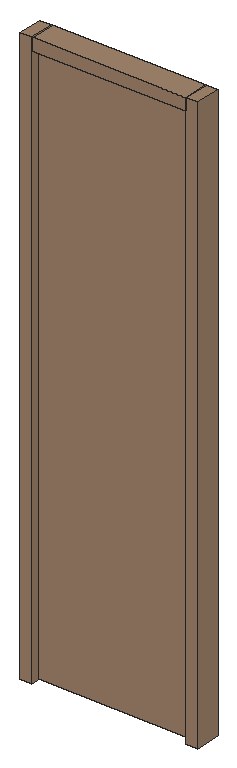
Revit family "LC Door-720x2340 - A11", category Doors, host Wall, Revit 2027
Family settings
  Host = Wall
  Always vertical = Yes
  Cut with Voids When Loaded = No
  Shared = No
  Room Calculation Point = No
Parameters (values of type "A11 nominal size")
  Function = Interior
  Frame Projection Ext. = 25 mm
  Frame Projection Int. = 25 mm
  Frame Width = 75 mm
  Height = 2340 mm  # constant formula
  Wall Closure = By host
  Width = 720 mm  # constant formula
  Description = "A07/A08 position, A11 overall sizes. Frame50x100 and glazing6mm are visual coordination profiles; manufacturer sections/glazing specification pending. Panel divisions follow schedule appearance, undimensioned divisions provisional."
Reference planes
  plane 1: y = 0
  plane 2 "Center (Left/Right)": x = 0
  plane 3 "Left": x = -360
  plane 4 "Right": x = 360
  plane 5: z = 2340
  plane 6 "Exterior": y = 75
  plane 7 "Interior": y = -75
Forms (mm)
  Extrusion 1, solid, material "LC Door timber - selected finish pending"
    sketch origin (0, 0, 0) x (1, 0, 0) y (0, 1, 0)
      loop
        line (-360, -50) -> (-310, -50) -> (-310, 50) -> (-360, 50) -> (-360, -50)
    from 0 to 2340
  Extrusion 2, solid, material "LC Door timber - selected finish pending"
    sketch origin (0, 0, 0) x (1, 0, 0) y (0, 1, 0)
      loop
        line (310, -50) -> (360, -50) -> (360, 50) -> (310, 50) -> (310, -50)
    from 0 to 2340
  Extrusion 3, solid, material "LC Door timber - selected finish pending"
    sketch origin (0, 0, 0) x (1, 0, 0) y (0, 1, 0)
      loop
        line (-310, -50) -> (310, -50) -> (310, 50) -> (-310, 50) -> (-310, -50)
    from 2290 to 2340
  Extrusion 4, solid, material "LC Door timber - selected finish pending"
    sketch origin (0, 0, 0) x (1, 0, 0) y (0, 1, 0)
      loop
        line (-308, -20) -> (308, -20) -> (308, 20) -> (-308, 20) -> (-308, -20)
    from 4 to 2290
Lines and regions (mm)
  Opening 1
    outline origin (-3050, -75, 0) x (1, 0, 0) y (0, 0, 1)
      loop
        line (2690, 0) -> (3410, 0) -> (3410, 2340) -> (2690, 2340) -> (2690, 0)
  symbolic lines, style "Elevation Swing"
    curve 1: line (360, -75, 1170) -> (-360, -75, 2340)
    curve 2: line (360, -75, 1170) -> (-360, -75, 0)
Text (mm)
  text "Exterior" at (-1376.75, 1099.543, 0), in view "Ref. Level"
  text "Exterior" at (0, 1615.38, 3698.081), in view "Left"
  text "Exterior" at (0, 1036.032, 3874.932), in view "Right"
Dimensions and locks
  equal spacing: plane 3 "Left", plane 2 "Center (Left/Right)", plane 4 "Right"
  "Width": plane 3 "Left" to plane 4 "Right"
  "Height": plane 5 to host wall
  equal spacing: host wall, curve 2, plane 5
  host wall to plane 5 = 2340 mm
  locked: plane 6 "Exterior" to host wall
  locked: plane 7 "Interior" to host wall
  aligned and locked: plane 3 "Left" to Opening 1 sketch curve
  aligned and locked: plane 5 to Opening 1 sketch curve  (x2)
  aligned and locked: Opening 1 sketch curve to plane 4 "Right"
  aligned and locked: Opening 1 sketch curve to level
  aligned and locked: plane 5 to curve 1
  aligned and locked: plane 3 "Left" to curve 2
  aligned and locked: plane 1 to host wall
  aligned and locked: plane 3 "Left" to curve 1
Automatic sketch dimensions
  plane 4 "Right" to curve 2 = 0 mm
  curve 2 to level = 0 mm
  Extrusion 1 sketch curve to plane 3 "Left" = 0 mm
  Extrusion 1 sketch curve to host wall = 25 mm  (x2)
  Extrusion 1 sketch curve to Extrusion 1 sketch curve = 50 mm
  Extrusion 2 sketch curve to plane 4 "Right" = 0 mm
  Extrusion 2 sketch curve to host wall = 25 mm  (x2)
  plane 4 "Right" to Extrusion 2 sketch curve = 50 mm
  Extrusion 3 sketch curve to host wall = 25 mm  (x2)
  Extrusion 3 sketch curve to plane 3 "Left" = 50 mm
  plane 4 "Right" to Extrusion 3 sketch curve = 50 mm
  host wall to Extrusion 4 sketch curve = 20 mm
  Extrusion 4 sketch curve to plane 3 "Left" = 52 mm
  Extrusion 4 sketch curve to host wall = 20 mm
  plane 4 "Right" to Extrusion 4 sketch curve = 52 mm
